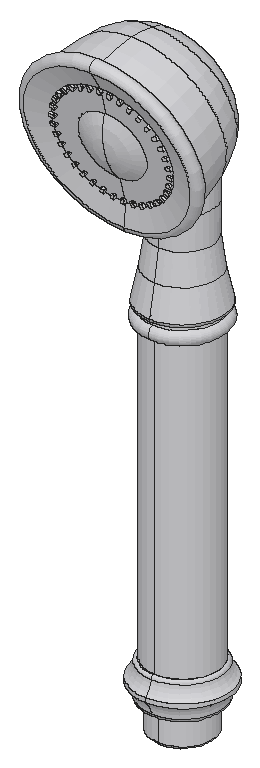
Revit family "Shower-Handshower-KOHLER-FINIAL-K-11641T-1", category Plumbing Fixtures, host Face, Revit 2017 (continued)
Definition of nested family "K-11641T"
  Automatic sketch dimensions
    curve 6 to curve 7 = 0.02993"
    curve 8 to curve 9 = 0.05531"
    curve 5 to curve 4 = 0.14994"
    curve 3 to curve 4 = 0"
    curve 11 to curve 10 = 0.85754"
    curve 11 to curve 11 = 0.50941"
    curve 9 to curve 10 = 1.37005"
    curve 8 to curve 9 = 0.02868"
    curve 7 to curve 8 = 0.06"
    curve 6 to curve 7 = 0.1799"
    curve 1 to curve 5 = 0.85981"
    curve 4 to curve 5 = 0.2202"
    curve 3 to curve 4 = 0.05924"
    curve 2 to curve 3 = 0.22034"
    Revolve 1 sketch curve to plane 1 "Center (Front/Back)" = 0"  (x2)
    Revolve 1 sketch curve to Revolve 1 sketch curve = 0.47991"
    Revolve 1 sketch curve to Revolve 1 sketch curve = 0.00287"
    Revolve 1 sketch curve to Revolve 1 sketch curve = 0.1373"
    Revolve 1 sketch curve to Revolve 1 sketch curve = 0.16048"  (x2)
    level to Revolve 1 sketch curve = 0.4"
    Revolve 1 sketch curve to Revolve 1 sketch curve = 0.0201"
    Revolve 1 sketch curve to Revolve 1 sketch curve = 0.04507"
    Revolve 1 sketch curve to Revolve 1 sketch curve = 0.179"
    Revolve 1 sketch curve to Revolve 1 sketch curve = 0.05924"
    Revolve 1 sketch curve to Revolve 1 sketch curve = 0.17838"
    Revolve 1 sketch curve to Revolve 1 sketch curve = 0.20024"
    Revolve 1 sketch curve to Revolve 1 sketch curve = 0.04196"
    Revolve 1 sketch curve to Revolve 1 sketch curve = 0"  (x2)
    Revolve 2 sketch curve to level = 0"  (x2)
    Revolve 2 sketch curve to plane 1 "Center (Front/Back)" = 0"  (x2)
    Revolve 2 sketch curve to Revolve 2 sketch curve = 0.369"
    Revolve 2 sketch curve to plane 1 "Center (Front/Back)" = 0.40897"
    Revolve 2 sketch curve to Revolve 2 sketch curve = 0.06117"
    Revolve 2 sketch curve to Revolve 2 sketch curve = 0.0119"
    Revolve 2 sketch curve to Revolve 2 sketch curve = 0.01803"
    level to Revolve 2 sketch curve = 0.03997"
    Revolve 2 sketch curve to Revolve 2 sketch curve = 0.85981"
    Revolve 2 sketch curve to Revolve 2 sketch curve = 4.08032"
    Revolve 2 sketch curve to Revolve 2 sketch curve = 0.09046"
    Revolve 2 sketch curve to Revolve 2 sketch curve = 0.06"
    Revolve 2 sketch curve to Revolve 2 sketch curve = 0.40495"
    plane 4 "A" to Revolve 3 sketch curve = 0"  (x3)
    plane 1 "Center (Front/Back)" to Revolve 3 sketch curve = 1.56786"
    Revolve 3 sketch curve to Revolve 3 sketch curve = 0.084"
    Revolve 3 sketch curve to Revolve 3 sketch curve = 0.07914"
    Revolve 3 sketch curve to Revolve 3 sketch curve = 0.08732"
    Revolve 3 sketch curve to Revolve 3 sketch curve = 0.21088"
    Revolve 3 sketch curve to Revolve 3 sketch curve = 0.08711"
    Revolve 3 sketch curve to Revolve 3 sketch curve = 0.05681"
    Revolve 3 sketch curve to Revolve 3 sketch curve = 0"  (x3)
    Extrusion 4 sketch curve to Revolve 3 = 0"  (x2)
    Extrusion 4 sketch curve to Extrusion 4 sketch curve = 0.00518"
    Extrusion 4 sketch curve to Extrusion 4 sketch curve = 0.00535"
    Revolve 3 to Extrusion 4 sketch curve = 0.76372"
    Extrusion 4 sketch curve to Extrusion 4 sketch curve = 0.02273"
    Revolve 3 to Extrusion 4 sketch curve = 0.81431"
    Extrusion 4 sketch curve to Extrusion 4 sketch curve = 0.02274"  (x2)
    Revolve 3 to Extrusion 4 sketch curve = 0.75817"
    Extrusion 4 sketch curve to Extrusion 4 sketch curve = 0.08787"
    Extrusion 4 sketch curve to Revolve 3 = 0.76096"
    Extrusion 4 sketch curve to Extrusion 4 sketch curve = 0.08819"
    Revolve 3 to Extrusion 4 sketch curve = 0.80529"
    Extrusion 4 sketch curve to Revolve 3 = 0.80529"
    Extrusion 4 sketch curve to Extrusion 4 sketch curve = 0.02247"  (x8)
    Revolve 3 to Extrusion 4 sketch curve = 0.75024"
    Extrusion 4 sketch curve to Revolve 3 = 0.75304"
    Extrusion 4 sketch curve to Revolve 3 = 0.79708"
    Revolve 3 to Extrusion 4 sketch curve = 0.79708"
    Revolve 3 to Extrusion 4 sketch curve = 0.72633"
    Extrusion 4 sketch curve to Extrusion 4 sketch curve = 0.08462"
    Extrusion 4 sketch curve to Revolve 3 = 0.72625"
    Extrusion 4 sketch curve to Extrusion 4 sketch curve = 0.08428"
    Revolve 3 to Extrusion 4 sketch curve = 0.77158"
    Extrusion 4 sketch curve to Revolve 3 = 0.77157"
    Extrusion 4 sketch curve to Extrusion 4 sketch curve = 0.02136"  (x3)
    Extrusion 4 sketch curve to Extrusion 4 sketch curve = 0.02139"  (x2)
    Revolve 3 to Extrusion 4 sketch curve = 0.71071"
    Extrusion 4 sketch curve to Extrusion 4 sketch curve = 0.02134"
    Extrusion 4 sketch curve to Revolve 3 = 0.71077"
    Revolve 3 to Extrusion 4 sketch curve = 0.75572"
    Extrusion 4 sketch curve to Revolve 3 = 0.75571"
    Revolve 3 to Extrusion 4 sketch curve = 0.67313"
    Extrusion 4 sketch curve to Extrusion 4 sketch curve = 0.0795"
    Extrusion 4 sketch curve to Revolve 3 = 0.67431"
    Extrusion 4 sketch curve to Extrusion 4 sketch curve = 0.07999"
    Extrusion 4 sketch curve to Extrusion 4 sketch curve = 0.01976"  (x8)
    Extrusion 4 sketch curve to Revolve 3 = 0.71458"
    Revolve 3 to Extrusion 4 sketch curve = 0.71458"
    Revolve 3 to Extrusion 4 sketch curve = 0.65032"
    Extrusion 4 sketch curve to Revolve 3 = 0.6515"
    Revolve 3 to Extrusion 4 sketch curve = 0.69154"
    Extrusion 4 sketch curve to Revolve 3 = 0.69154"
    Revolve 3 to Extrusion 4 sketch curve = 0.59958"
    Extrusion 4 sketch curve to Extrusion 4 sketch curve = 0.07152"
    Extrusion 4 sketch curve to Revolve 3 = 0.60004"
    Extrusion 4 sketch curve to Extrusion 4 sketch curve = 0.07143"
    Extrusion 4 sketch curve to Extrusion 4 sketch curve = 0.01741"  (x2)
    Extrusion 4 sketch curve to Extrusion 4 sketch curve = 0.01746"  (x2)
    Revolve 3 to Extrusion 4 sketch curve = 0.63608"
    Extrusion 4 sketch curve to Revolve 3 = 0.63606"
    Revolve 3 to Extrusion 4 sketch curve = 73/128"
    Extrusion 4 sketch curve to Extrusion 4 sketch curve = 0.01737"  (x2)
    Extrusion 4 sketch curve to Revolve 3 = 0.57086"
    Extrusion 4 sketch curve to Extrusion 4 sketch curve = 0.01742"  (x2)
    Revolve 3 to Extrusion 4 sketch curve = 0.60659"
    Extrusion 4 sketch curve to Revolve 3 = 0.60657"
    Extrusion 4 sketch curve to Revolve 3 = 0.50819"
    Extrusion 4 sketch curve to Extrusion 4 sketch curve = 0.06134"
    Revolve 3 to Extrusion 4 sketch curve = 0.50842"
    Extrusion 4 sketch curve to Extrusion 4 sketch curve = 0.06231"
    Extrusion 4 sketch curve to Extrusion 4 sketch curve = 0.01467"  (x8)
    Extrusion 4 sketch curve to Revolve 3 = 0.47323"
    Revolve 3 to Extrusion 4 sketch curve = 0.47346"
    Revolve 3 to Extrusion 4 sketch curve = 0.53848"
    Extrusion 4 sketch curve to Revolve 3 = 0.53848"
    Revolve 3 to Extrusion 4 sketch curve = 0.5034"
    Extrusion 4 sketch curve to Revolve 3 = 0.5034"
    Extrusion 4 sketch curve to Revolve 3 = 0.40035"
    Extrusion 4 sketch curve to Extrusion 4 sketch curve = 0.04867"
    Revolve 3 to Extrusion 4 sketch curve = 0.40111"
    Extrusion 4 sketch curve to Extrusion 4 sketch curve = 0.04935"
    Extrusion 4 sketch curve to Extrusion 4 sketch curve = 0.01142"
    Extrusion 4 sketch curve to Extrusion 4 sketch curve = 0.01137"  (x3)
    Extrusion 4 sketch curve to Revolve 3 = 0.36101"
    Extrusion 4 sketch curve to Extrusion 4 sketch curve = 0.01136"
    Revolve 3 to Extrusion 4 sketch curve = 0.3617"
    Extrusion 4 sketch curve to Extrusion 4 sketch curve = 0.01131"  (x2)
    Revolve 3 to Extrusion 4 sketch curve = 0.42475"
    Extrusion 4 sketch curve to Revolve 3 = 0.42472"
    Extrusion 4 sketch curve to Revolve 3 = 0.28218"
    Extrusion 4 sketch curve to Extrusion 4 sketch curve = 0.03765"
    Revolve 3 to Extrusion 4 sketch curve = 0.28312"
    Extrusion 4 sketch curve to Extrusion 4 sketch curve = 0.03936"
    Revolve 3 to Extrusion 4 sketch curve = 0.38519"
    Extrusion 4 sketch curve to Revolve 3 = 0.38516"
    Extrusion 4 sketch curve to Extrusion 4 sketch curve = 1/128"  (x8)
    Extrusion 4 sketch curve to Revolve 3 = 0.2393"
    Revolve 3 to Extrusion 4 sketch curve = 0.24023"
    Revolve 3 to Extrusion 4 sketch curve = 0.15509"
    Extrusion 4 sketch curve to Extrusion 4 sketch curve = 0.02143"
    Extrusion 4 sketch curve to Revolve 3 = 0.15509"
    Extrusion 4 sketch curve to Extrusion 4 sketch curve = 0.02493"
    Extrusion 4 sketch curve to Extrusion 4 sketch curve = 0.00395"  (x4)
    Revolve 3 to Extrusion 4 sketch curve = 0.29833"
    Extrusion 4 sketch curve to Revolve 3 = 0.29833"
    Extrusion 4 sketch curve to Extrusion 4 sketch curve = 0.00401"  (x2)
    Revolve 3 to Extrusion 4 sketch curve = 0.11031"
    Extrusion 4 sketch curve to Extrusion 4 sketch curve = 0.00388"  (x2)
    Extrusion 4 sketch curve to Revolve 3 = 0.11032"
    Extrusion 4 sketch curve to Extrusion 4 sketch curve = 0.0087"
    Extrusion 4 sketch curve to Revolve 3 = 0.25541"
    Revolve 3 to Extrusion 4 sketch curve = 0.25541"
    Revolve 3 to Extrusion 4 sketch curve = 0.16301"
    Extrusion 4 sketch curve to Revolve 3 = 0.16297"
    Revolve 3 to Extrusion 4 sketch curve = 0.11809"
    Extrusion 4 sketch curve to Revolve 3 = 0.11806"
    Extrusion 4 sketch curve to Revolve 3 = 0.02282"  (x2)
    Extrusion 4 sketch curve to Revolve 3 = 0.76502"
    Extrusion 4 sketch curve to Revolve 3 = 0.8146"
    Extrusion 4 sketch curve to Extrusion 4 sketch curve = 0.04562"
    Revolve 3 to Extrusion 4 sketch curve = 0.75822"
    Extrusion 4 sketch curve to Extrusion 4 sketch curve = 0.08771"
    Extrusion 4 sketch curve to Revolve 3 = 0.75854"
    Extrusion 4 sketch curve to Extrusion 4 sketch curve = 0.08793"
    Revolve 3 to Extrusion 4 sketch curve = 0.8068"
    Extrusion 4 sketch curve to Revolve 3 = 0.8068"
    Revolve 3 to Extrusion 4 sketch curve = 0.75029"
    Extrusion 4 sketch curve to Revolve 3 = 0.75061"
    Revolve 3 to Extrusion 4 sketch curve = 0.79916"
    Extrusion 4 sketch curve to Revolve 3 = 0.79916"
    Revolve 3 to Extrusion 4 sketch curve = 0.72666"
    Extrusion 4 sketch curve to Extrusion 4 sketch curve = 0.08491"
    Extrusion 4 sketch curve to Revolve 3 = 0.73028"
    Extrusion 4 sketch curve to Extrusion 4 sketch curve = 0.08599"
    Extrusion 4 sketch curve to Revolve 3 = 0.7747"
    Revolve 3 to Extrusion 4 sketch curve = 0.7747"
    Extrusion 4 sketch curve to Extrusion 4 sketch curve = 0.02137"
    Revolve 3 to Extrusion 4 sketch curve = 0.71117"
    Extrusion 4 sketch curve to Revolve 3 = 0.71466"
    Extrusion 4 sketch curve to Extrusion 4 sketch curve = 0.02135"
    Extrusion 4 sketch curve to Revolve 3 = 0.75936"
    Revolve 3 to Extrusion 4 sketch curve = 0.75936"
    Revolve 3 to Extrusion 4 sketch curve = 0.67537"
    Extrusion 4 sketch curve to Extrusion 4 sketch curve = 0.08045"
    Extrusion 4 sketch curve to Revolve 3 = 0.67756"
    Extrusion 4 sketch curve to Extrusion 4 sketch curve = 0.08061"
    Revolve 3 to Extrusion 4 sketch curve = 0.71892"
    Extrusion 4 sketch curve to Revolve 3 = 0.71892"
    Revolve 3 to Extrusion 4 sketch curve = 0.65255"
    Extrusion 4 sketch curve to Revolve 3 = 0.65474"
    Revolve 3 to Extrusion 4 sketch curve = 0.69632"
    Extrusion 4 sketch curve to Revolve 3 = 0.69632"
    Revolve 3 to Extrusion 4 sketch curve = 0.59877"
    Extrusion 4 sketch curve to Extrusion 4 sketch curve = 0.06977"
    Extrusion 4 sketch curve to Revolve 3 = 0.60181"
    Extrusion 4 sketch curve to Extrusion 4 sketch curve = 0.07083"
    Revolve 3 to Extrusion 4 sketch curve = 0.5696"
    Extrusion 4 sketch curve to Revolve 3 = 0.64109"
    Revolve 3 to Extrusion 4 sketch curve = 0.64108"
    Extrusion 4 sketch curve to Revolve 3 = 0.57253"
    Extrusion 4 sketch curve to Revolve 3 = 0.61193"
    Revolve 3 to Extrusion 4 sketch curve = 0.61193"
    Revolve 3 to Extrusion 4 sketch curve = 0.51044"
    Extrusion 4 sketch curve to Extrusion 4 sketch curve = 0.06508"
    Extrusion 4 sketch curve to Revolve 3 = 0.51093"
    Extrusion 4 sketch curve to Extrusion 4 sketch curve = 0.06341"
    Revolve 3 to Extrusion 4 sketch curve = 0.47548"
    Extrusion 4 sketch curve to Revolve 3 = 0.47597"
    Extrusion 4 sketch curve to Revolve 3 = 0.54354"
    Revolve 3 to Extrusion 4 sketch curve = 0.54354"
    Revolve 3 to Extrusion 4 sketch curve = 0.5087"
    Extrusion 4 sketch curve to Revolve 3 = 0.5087"
    Revolve 3 to Extrusion 4 sketch curve = 0.40358"
    Extrusion 4 sketch curve to Extrusion 4 sketch curve = 0.05155"
    Extrusion 4 sketch curve to Revolve 3 = 0.40386"
    Extrusion 4 sketch curve to Extrusion 4 sketch curve = 0.05114"
    Extrusion 4 sketch curve to Extrusion 4 sketch curve = 0.01143"
    Revolve 3 to Extrusion 4 sketch curve = 0.36423"
    Extrusion 4 sketch curve to Revolve 3 = 0.36444"
    Extrusion 4 sketch curve to Revolve 3 = 0.42924"
    Revolve 3 to Extrusion 4 sketch curve = 0.42923"
    Revolve 3 to Extrusion 4 sketch curve = 0.28438"
    Extrusion 4 sketch curve to Extrusion 4 sketch curve = 0.0381"
    Extrusion 4 sketch curve to Revolve 3 = 0.28518"
    Extrusion 4 sketch curve to Extrusion 4 sketch curve = 0.04026"
    Extrusion 4 sketch curve to Revolve 3 = 0.38979"
    Revolve 3 to Extrusion 4 sketch curve = 0.38979"
    Revolve 3 to Extrusion 4 sketch curve = 0.24149"
    Extrusion 4 sketch curve to Revolve 3 = 0.2423"
    Revolve 3 to Extrusion 4 sketch curve = 0.15559"
    Extrusion 4 sketch curve to Extrusion 4 sketch curve = 0.0217"
    Extrusion 4 sketch curve to Revolve 3 = 0.15584"
    Extrusion 4 sketch curve to Extrusion 4 sketch curve = 0.01999"
    Revolve 3 to Extrusion 4 sketch curve = 0.11082"
    Extrusion 4 sketch curve to Revolve 3 = 0.11104"
    Extrusion 4 sketch curve to Revolve 3 = 0.30168"
    Revolve 3 to Extrusion 4 sketch curve = 0.30168"
    Extrusion 4 sketch curve to Extrusion 4 sketch curve = 0.04996"
    Extrusion 4 sketch curve to Revolve 3 = 0.25883"
    Revolve 3 to Extrusion 4 sketch curve = 0.25883"
    Extrusion 4 sketch curve to Revolve 3 = 0.1648"
    Revolve 3 to Extrusion 4 sketch curve = 0.16479"
    Extrusion 4 sketch curve to Revolve 3 = 0.11987"
    Revolve 3 to Extrusion 4 sketch curve = 0.11986"
    Extrusion 4 sketch curve to Extrusion 4 sketch curve = 0"
    plane 1 "Center (Front/Back)" to Revolve 5 sketch curve = 1.31785"
    Revolve 5 sketch curve to Revolve 5 sketch curve = 0.00611"
    Revolve 5 sketch curve to Revolve 5 sketch curve = 0.12539"
    plane 1 "Center (Front/Back)" to Revolve 5 sketch curve = 0.47679"
    level to Revolve 5 sketch curve = 7.61816"
    Revolve 5 sketch curve to Revolve 5 sketch curve = 0.0336"
    Revolve 5 sketch curve to Revolve 5 sketch curve = 0"  (x4)
    Masking region 2 sketch curve to Masking region 2 sketch curve = 0"  (x7)
    Masking region 2 sketch curve to level = 0"
    Masking region 2 sketch curve to plane 3 "Center (Left/Right)" = 4.13782"
    Masking region 2 sketch curve to plane 3 "Center (Left/Right)" = 1.51609"
    Masking region 2 sketch curve to plane 3 "Center (Left/Right)" = 0.78056"
    Masking region 2 sketch curve to Masking region 2 sketch curve = 0.16048"  (x3)
    Masking region 2 sketch curve to plane 3 "Center (Left/Right)" = 0.56655"
    Masking region 2 sketch curve to Masking region 2 sketch curve = 0.02983"
    Masking region 2 sketch curve to Masking region 2 sketch curve = 0.03665"
    Masking region 2 sketch curve to Masking region 2 sketch curve = 0.01625"  (x2)
    Masking region 2 sketch curve to Masking region 2 sketch curve = 0.13873"  (x2)
    Masking region 2 sketch curve to Masking region 2 sketch curve = 0.14017"
    Masking region 2 sketch curve to Masking region 2 sketch curve = 0.09163"
    Masking region 2 sketch curve to Masking region 2 sketch curve = 0.01368"  (x2)
    Masking region 2 sketch curve to Masking region 2 sketch curve = 0.07094"  (x2)
    Masking region 2 sketch curve to Masking region 2 sketch curve = 0.03997"  (x2)
    Masking region 2 sketch curve to plane 3 "Center (Left/Right)" = 0.06179"
    Masking region 2 sketch curve to plane 3 "Center (Left/Right)" = 0.00262"
    plane 3 "Center (Left/Right)" to Masking region 2 sketch curve = 0.0425"
    Masking region 2 sketch curve to Masking region 2 sketch curve = 0.03805"
    plane 3 "Center (Left/Right)" to Masking region 2 sketch curve = 0.369"
    plane 3 "Center (Left/Right)" to Masking region 2 sketch curve = 0.47014"
    plane 3 "Center (Left/Right)" to Masking region 2 sketch curve = 0.47526"
    Masking region 2 sketch curve to Masking region 2 sketch curve = 0.01121"
    Masking region 2 sketch curve to Masking region 2 sketch curve = 0.03761"
    Masking region 2 sketch curve to Masking region 2 sketch curve = 0.02815"
    Masking region 2 sketch curve to Masking region 2 sketch curve = 1.02575"
    Masking region 2 sketch curve to Masking region 2 sketch curve = 1.02654"
    level to Masking region 2 sketch curve = 0.03997"  (x2)
    Masking region 2 sketch curve to Masking region 2 sketch curve = 0.36003"  (x2)
    Masking region 2 sketch curve to Masking region 2 sketch curve = 0.0201"  (x2)
    Masking region 2 sketch curve to Masking region 2 sketch curve = 0.04507"  (x2)
    Masking region 2 sketch curve to Masking region 2 sketch curve = 0.179"  (x2)
    Masking region 2 sketch curve to Masking region 2 sketch curve = 0.05924"  (x2)
    Masking region 2 sketch curve to Masking region 2 sketch curve = 0.17827"  (x2)
    Masking region 2 sketch curve to Masking region 2 sketch curve = 0.20024"  (x2)
    Masking region 2 sketch curve to Masking region 2 sketch curve = 0.04193"  (x2)
    Masking region 2 sketch curve to Masking region 2 sketch curve = 4.08056"
    Masking region 2 sketch curve to Masking region 2 sketch curve = 0.09004"  (x2)
    Masking region 2 sketch curve to Masking region 2 sketch curve = 0.06"  (x2)
    Masking region 2 sketch curve to Masking region 2 sketch curve = 0.02898"
    Masking region 2 sketch curve to Masking region 2 sketch curve = 0.03075"
    Masking region 2 sketch curve to Masking region 2 sketch curve = 0.36569"
    Masking region 2 sketch curve to Masking region 2 sketch curve = 0.37234"
    Masking region 2 sketch curve to Masking region 2 sketch curve = 0.47295"
    Masking region 2 sketch curve to Masking region 2 sketch curve = 0.47108"
    Masking region 2 sketch curve to Masking region 2 sketch curve = 0.08315"
    Masking region 2 sketch curve to Masking region 2 sketch curve = 0.39037"
    Masking region 2 sketch curve to Masking region 2 sketch curve = 1.58025"
    Masking region 2 sketch curve to Masking region 2 sketch curve = 0.04647"
    Masking region 2 sketch curve to Masking region 2 sketch curve = 0.00015"
    Masking region 2 sketch curve to Masking region 2 sketch curve = 0.06093"
    Masking region 2 sketch curve to plane 3 "Center (Left/Right)" = 1.10758"
    Masking region 2 sketch curve to plane 3 "Center (Left/Right)" = 0.86577"
    Masking region 2 sketch curve to plane 3 "Center (Left/Right)" = 0.52009"
    plane 3 "Center (Left/Right)" to Masking region 2 sketch curve = 0.52136"
    Masking region 3 sketch curve to Masking region 3 sketch curve = 0"  (x16)
    Masking region 3 sketch curve to plane 3 "Center (Left/Right)" = 0"  (x2)
    plane 1 "Center (Front/Back)" to Masking region 3 sketch curve = 0"
    Masking region 3 sketch curve to plane 3 "Center (Left/Right)" = 0.03297"
    Masking region 3 sketch curve to plane 3 "Center (Left/Right)" = 0.27725"
    Masking region 3 sketch curve to plane 1 "Center (Front/Back)" = 0.14219"  (x2)
    Masking region 3 sketch curve to plane 3 "Center (Left/Right)" = 0.37394"
    Masking region 3 sketch curve to Masking region 3 sketch curve = 0.57608"  (x2)
    Masking region 3 sketch curve to Masking region 3 sketch curve = 0.12786"  (x2)
    Masking region 3 sketch curve to Masking region 3 sketch curve = 0.05615"  (x2)
    Masking region 3 sketch curve to Masking region 3 sketch curve = 0.36122"  (x2)
    plane 3 "Center (Left/Right)" to Masking region 3 sketch curve = 0.03297"
    plane 3 "Center (Left/Right)" to Masking region 3 sketch curve = 0.27725"
    plane 3 "Center (Left/Right)" to Masking region 3 sketch curve = 0.37394"
    plane 1 "Center (Front/Back)" to Masking region 3 sketch curve = 1.02323"  (x2)
    Masking region 3 sketch curve to Masking region 3 sketch curve = 0.11232"
    Masking region 3 sketch curve to Masking region 3 sketch curve = 0.16929"  (x2)
    Masking region 3 sketch curve to Masking region 3 sketch curve = 0.03064"  (x2)
    Masking region 3 sketch curve to Masking region 3 sketch curve = 0.43998"  (x2)
    Masking region 3 sketch curve to Masking region 3 sketch curve = 1.92349"
    Masking region 3 sketch curve to plane 1 "Center (Front/Back)" = 0.01366"  (x2)
    Masking region 3 sketch curve to Masking region 3 sketch curve = 0.24599"
    Masking region 3 sketch curve to Masking region 3 sketch curve = 0.31281"
    Masking region 3 sketch curve to Masking region 3 sketch curve = 0.05793"  (x2)
    Masking region 3 sketch curve to Masking region 3 sketch curve = 0.02507"  (x2)
    curve 135 to curve 136 = 0"
    curve 135 to curve 137 = 0"  (x2)
    curve 136 to curve 137 = 0"
    plane 1 "Center (Front/Back)" to curve 137 = 0"
    curve 137 to plane 3 "Center (Left/Right)" = 0"
    curve 148 to plane 3 "Center (Left/Right)" = 0"
    curve 140 to plane 3 "Center (Left/Right)" = 0"
    curve 152 to plane 3 "Center (Left/Right)" = 0"
    curve 148 to plane 3 "Center (Left/Right)" = 0.01296"
    curve 162 to plane 3 "Center (Left/Right)" = 0.12936"
    curve 153 to plane 3 "Center (Left/Right)" = 0.17622"
    curve 139 to plane 3 "Center (Left/Right)" = 0.2482"
    curve 151 to plane 1 "Center (Front/Back)" = 0.11625"
    curve 151 to plane 3 "Center (Left/Right)" = 0.39446"
    plane 1 "Center (Front/Back)" to curve 147 = 0.15583"
    curve 147 to curve 151 = 0.10585"
    curve 146 to curve 139 = 0.53933"
    curve 150 to curve 146 = 0.05152"
    curve 145 to curve 150 = 0.12765"
    curve 149 to curve 145 = 0.03771"
    curve 143 to curve 149 = 0.03287"
    curve 144 to curve 143 = 0.0074"
    curve 142 to curve 144 = 0.69129"
    plane 3 "Center (Left/Right)" to curve 158 = 0.01296"
    plane 3 "Center (Left/Right)" to curve 152 = 0.12936"
    plane 3 "Center (Left/Right)" to curve 163 = 0.17622"
    plane 3 "Center (Left/Right)" to curve 138 = 0.2482"
    curve 161 to plane 1 "Center (Front/Back)" = 0.11625"
    plane 3 "Center (Left/Right)" to curve 161 = 0.39446"
    plane 1 "Center (Front/Back)" to curve 157 = 0.15583"
    curve 161 to curve 157 = 0.10585"
    curve 156 to curve 160 = 0.05152"
    curve 160 to curve 155 = 0.12765"
    curve 155 to curve 159 = 0.03771"
    curve 159 to curve 154 = 0.03287"
    curve 154 to curve 164 = 0.01455"
    curve 164 to curve 141 = 0.68414"
    curve 138 to curve 157 = 0.4262"
    curve 139 to curve 147 = 0.4262"
    curve 146 to curve 139 = 61/256"
    curve 156 to curve 138 = 61/256"
    curve 150 to curve 146 = 0.11623"
    curve 160 to curve 156 = 0.11623"
    curve 145 to curve 150 = 0.12313"
    curve 155 to curve 160 = 0.12313"
    curve 159 to curve 155 = 0.03165"
    curve 149 to curve 145 = 0.03165"
    curve 164 to curve 159 = 0.00388"
    curve 144 to curve 149 = 0.00842"
    curve 154 to curve 164 = 0.00923"
    curve 143 to curve 144 = 0.0047"
    curve 153 to curve 139 = 0.52532"
    curve 153 to curve 163 = 0"
    curve 141 to curve 164 = 0.97722"
    curve 142 to curve 144 = 0.97269"
    curve 135 to curve 140 = 0.02313"
    curve 148 to curve 158 = 0"
    curve 162 to curve 152 = 0"
    curve 138 to plane 3 "Center (Left/Right)" = 0.14677"
    curve 140 to curve 138 = 0"
    curve 137 to curve 151 = 0.00297"
    curve 141 to curve 138 = 0"
    curve 136 to curve 141 = 0.06131"
    curve 135 to curve 136 = 0.0196"
    curve 145 to curve 151 = 0.35444"
    curve 152 to curve 151 = 0"
    curve 141 to plane 1 "Center (Front/Back)" = 0.01366"
    curve 148 to curve 151 = 0.11957"
    curve 147 to curve 148 = 0"
    curve 150 to curve 151 = 0"
    curve 146 to curve 147 = 0"
    curve 145 to curve 146 = 0"
    curve 149 to curve 150 = 0"
    curve 149 to curve 153 = 0.00484"
    curve 144 to curve 153 = 0.00272"
    curve 153 to curve 149 = 0"
    curve 143 to curve 145 = 0"
    curve 139 to curve 140 = 0"
    curve 142 to curve 139 = 0"
    curve 161 to curve 162 = 0"
    curve 142 to plane 1 "Center (Front/Back)" = 0.01366"
    curve 157 to curve 158 = 0"
    curve 160 to curve 161 = 0"
    curve 156 to curve 157 = 0"
    curve 155 to curve 156 = 0"
    curve 159 to curve 160 = 0"
    curve 163 to curve 159 = 0.00484"
    curve 163 to curve 164 = 0.00275"
    curve 163 to curve 159 = 0"
    curve 164 to curve 154 = 0.01282"
    curve 154 to curve 155 = 0"
    curve 164 to curve 154 = 0"
    curve 154 to curve 164 = 0.01501"
    Revolve 6 sketch curve to Revolve 6 sketch curve = 0"  (x7)
    plane 4 "A" to Revolve 6 sketch curve = 0"  (x3)
    plane 1 "Center (Front/Back)" to Revolve 6 sketch curve = 2.34938"
    plane 1 "Center (Front/Back)" to Revolve 6 sketch curve = 1.3887"
    Revolve 6 sketch curve to Revolve 6 sketch curve = 0.28447"
    Revolve 6 sketch curve to Revolve 6 sketch curve = 0.32964"
    plane 1 "Center (Front/Back)" to Revolve 6 sketch curve = 0.69845"
    Revolve 6 sketch curve to Revolve 6 sketch curve = 0.13073"
    Revolve 6 sketch curve to plane 1 "Center (Front/Back)" = 0.17529"
    Revolve 6 sketch curve to Revolve 6 sketch curve = 0.1723"
    Revolve 6 sketch curve to Revolve 6 sketch curve = 0.59074"
    Revolve 6 sketch curve to Revolve 6 sketch curve = 1.25023"
    Revolve 6 sketch curve to Revolve 6 sketch curve = 0.61375"
    plane 1 "Center (Front/Back)" to Revolve 6 sketch curve = 0.13718"
    Revolve 7 sketch curve to Revolve 7 sketch curve = 0"  (x5)
    Revolve 7 sketch curve to plane 1 "Center (Front/Back)" = 0"  (x2)
    plane 1 "Center (Front/Back)" to Revolve 7 sketch curve = 1.45341"
    Revolve 7 sketch curve to Revolve 7 sketch curve = 0.47943"
    Revolve 7 sketch curve to Revolve 7 sketch curve = 5.54629"
    Revolve 7 sketch curve to plane 1 "Center (Front/Back)" = 0.46375"
    Revolve 7 sketch curve to Revolve 7 sketch curve = 0.06441"
    Revolve 7 sketch curve to Revolve 7 sketch curve = 0.02863"
    Revolve 7 sketch curve to Revolve 7 sketch curve = 2.57124"
    level to Revolve 7 sketch curve = 5.22"
    Revolve 7 sketch curve to Revolve 7 sketch curve = 0.02938"
    Revolve 7 sketch curve to Revolve 7 sketch curve = 0.403"
    level to Revolve 7 sketch curve = 6.09802"
    Revolve 7 sketch curve to Revolve 7 sketch curve = 0.59362"
    Revolve 7 sketch curve to Revolve 7 sketch curve = 1.44176"
    Revolve 7 sketch curve to Revolve 7 sketch curve = 0.38834"
    Revolve 7 sketch curve to Revolve 7 sketch curve = 1.79117"
    Revolve 7 sketch curve to plane 1 "Center (Front/Back)" = 0.40331"
    Revolve 7 sketch curve to Revolve 7 sketch curve = 0.24951"
    plane 1 "Center (Front/Back)" to Extrusion 8 sketch curve = 0"
    Extrusion 8 sketch curve to plane 3 "Center (Left/Right)" = 0"
    plane 4 "A" to Revolve 9 sketch curve = 0"  (x3)
    plane 1 "Center (Front/Back)" to Revolve 9 sketch curve = 1.57074"
    Revolve 9 sketch curve to Revolve 9 sketch curve = 0.08703"  (x2)
    plane 1 "Center (Front/Back)" to Revolve 9 sketch curve = 1.10672"
    Revolve 9 sketch curve to Revolve 9 sketch curve = 0.04664"
    Revolve 9 sketch curve to Revolve 9 sketch curve = 0"  (x3)
    Masking region 1 sketch curve to Masking region 1 sketch curve = 0"  (x14)
    plane 4 "A" to Masking region 1 sketch curve = 0"  (x3)
    Masking region 1 sketch curve to plane 6 = 0"
    Masking region 1 sketch curve to plane 8 = 0"  (x2)
    Masking region 1 sketch curve to level = 0"
    Masking region 1 sketch curve to plane 5 = 0"
    plane 6 to Masking region 1 sketch curve = 0.07691"
    plane 6 to Masking region 1 sketch curve = 0.11013"
    plane 6 to Masking region 1 sketch curve = 0.15581"
    plane 6 to Masking region 1 sketch curve = 0.16048"  (x2)
    plane 8 to Masking region 1 sketch curve = 0.0201"  (x2)
    Masking region 1 sketch curve to Masking region 1 sketch curve = 0.08399"
    Masking region 1 sketch curve to Masking region 1 sketch curve = 0.00811"
    Masking region 1 sketch curve to Masking region 1 sketch curve = 0.08703"  (x2)
    plane 6 to Masking region 1 sketch curve = 0.47822"
    Masking region 1 sketch curve to Masking region 1 sketch curve = 0.43331"
    Masking region 1 sketch curve to Masking region 1 sketch curve = 0.04223"
    Masking region 1 sketch curve to Masking region 1 sketch curve = 0.09427"
    Masking region 1 sketch curve to plane 7 = 0.09662"
    Masking region 1 sketch curve to plane 7 = 0.06489"
    Masking region 1 sketch curve to Masking region 1 sketch curve = 0.00912"
    Masking region 1 sketch curve to Masking region 1 sketch curve = 0.08632"
    Masking region 1 sketch curve to plane 7 = 0.11292"
    Masking region 1 sketch curve to Masking region 1 sketch curve = 0.08675"
    Masking region 1 sketch curve to Masking region 1 sketch curve = 0.7582"
    Masking region 1 sketch curve to Masking region 1 sketch curve = 1.95514"
    Masking region 1 sketch curve to plane 6 = 0.04368"
    Masking region 1 sketch curve to plane 6 = 0.0582"
    Masking region 1 sketch curve to Masking region 1 sketch curve = 0.02833"
    Masking region 1 sketch curve to plane 6 = 0.10342"
    Masking region 1 sketch curve to Masking region 1 sketch curve = 0.048"
    Masking region 1 sketch curve to Masking region 1 sketch curve = 0.01625"
    Masking region 1 sketch curve to plane 6 = 0.13873"
    Masking region 1 sketch curve to plane 6 = 0.14017"
    Masking region 1 sketch curve to plane 6 = 0.14481"
    Masking region 1 sketch curve to Masking region 1 sketch curve = 0.01368"  (x2)
    Masking region 1 sketch curve to plane 6 = 0.17734"
    level to Masking region 1 sketch curve = 0.03997"  (x2)
    Masking region 1 sketch curve to plane 6 = 0.21111"
    Masking region 1 sketch curve to Masking region 1 sketch curve = 0.03997"  (x2)
    Masking region 1 sketch curve to plane 5 = 0.25108"
    Masking region 1 sketch curve to plane 5 = 0.15912"
    Masking region 1 sketch curve to plane 5 = 0.14994"
    Masking region 1 sketch curve to Masking region 1 sketch curve = 0.07094"
    Masking region 1 sketch curve to Masking region 1 sketch curve = 0.01121"
    Masking region 1 sketch curve to plane 5 = 0.12001"
    Masking region 1 sketch curve to Masking region 1 sketch curve = 0.0325"
    Masking region 1 sketch curve to Masking region 1 sketch curve = 0.02281"
    plane 5 to Masking region 1 sketch curve = 0.16048"  (x2)
    plane 5 to Masking region 1 sketch curve = 2.04648"
    Masking region 1 sketch curve to Masking region 1 sketch curve = 2.78806"
    Masking region 1 sketch curve to Masking region 1 sketch curve = 0.04507"
    plane 8 to Masking region 1 sketch curve = 0.04507"
    Masking region 1 sketch curve to Masking region 1 sketch curve = 0.179"  (x2)
    Masking region 1 sketch curve to Masking region 1 sketch curve = 0.05924"  (x2)
    Masking region 1 sketch curve to Masking region 1 sketch curve = 0.17827"  (x2)
    Masking region 1 sketch curve to Masking region 1 sketch curve = 0.20024"  (x2)
    Masking region 1 sketch curve to Masking region 1 sketch curve = 0.04193"  (x2)
    Masking region 1 sketch curve to Masking region 1 sketch curve = 1.60811"
    Masking region 1 sketch curve to Masking region 1 sketch curve = 0.09004"  (x2)
    Masking region 1 sketch curve to Masking region 1 sketch curve = 0.06"  (x2)
    Masking region 1 sketch curve to Masking region 1 sketch curve = 0.02341"
    Masking region 1 sketch curve to Masking region 1 sketch curve = 0.02956"
    Masking region 1 sketch curve to Masking region 1 sketch curve = 0.33905"
    Masking region 1 sketch curve to Masking region 1 sketch curve = 0.40902"
    Masking region 1 sketch curve to Masking region 1 sketch curve = 0.59449"
    Masking region 1 sketch curve to Masking region 1 sketch curve = 0.01508"
    Masking region 1 sketch curve to Masking region 1 sketch curve = 0.5092"
    Masking region 1 sketch curve to Masking region 1 sketch curve = 0.06059"
    Masking region 1 sketch curve to Masking region 1 sketch curve = 0.14841"
    Masking region 1 sketch curve to Masking region 1 sketch curve = 0.04664"
    Masking region 1 sketch curve to Masking region 1 sketch curve = 0.59486"
    Masking region 1 sketch curve to Masking region 1 sketch curve = 0.67254"
    Masking region 1 sketch curve to Masking region 1 sketch curve = 0.07515"
    Masking region 1 sketch curve to Masking region 1 sketch curve = 0.19484"
    Masking region 1 sketch curve to Masking region 1 sketch curve = 0.55351"
    Masking region 1 sketch curve to Masking region 1 sketch curve = 0.09797"
    Masking region 1 sketch curve to Masking region 1 sketch curve = 0.1447"
    Masking region 1 sketch curve to Masking region 1 sketch curve = 0.22641"
    Masking region 1 sketch curve to plane 1 "Center (Front/Back)" = 0.18552"
    Masking region 1 sketch curve to plane 5 = 0.23239"
    plane 9 to curve 15 = 0"
    plane 9 to curve 14 = 0"
    curve 13 to plane 8 = 0"
    curve 23 to plane 3 "Center (Left/Right)" = 0"
    curve 26 to plane 3 "Center (Left/Right)" = 0"
    curve 21 to plane 3 "Center (Left/Right)" = 0"
    curve 88 to plane 3 "Center (Left/Right)" = 0"
    curve 36 to plane 3 "Center (Left/Right)" = 0"
    curve 15 to plane 10 = 0"
    curve 14 to plane 10 = 0"
    plane 9 to curve 131 = 0.03142"
    plane 9 to curve 121 = 0.03466"
    curve 105 to curve 131 = 0.02282"
    curve 120 to curve 122 = 0.02282"
    curve 106 to curve 105 = 0.03645"
    curve 129 to curve 122 = 0.0371"
    curve 107 to curve 106 = 0.01549"
    curve 118 to curve 119 = 1/64"
    curve 117 to curve 119 = 0.02034"
    curve 109 to curve 107 = 0.02678"
    plane 14 to curve 115 = 0.0748"
    curve 115 to curve 116 = 0.00792"
    curve 111 to curve 109 = 0.00792"
    curve 112 to plane 14 = 0.01013"
    curve 112 to curve 116 = 0.00648"
    curve 113 to curve 114 = 0.00007"
    curve 125 to plane 9 = 0.01826"
    curve 102 to plane 9 = 0.02004"
    curve 125 to curve 123 = 0.02928"
    curve 103 to curve 101 = 0.02917"
    curve 123 to curve 126 = 0.06161"
    curve 103 to curve 99 = 0.06267"
    curve 126 to curve 128 = 0.03496"
    curve 98 to curve 100 = 0.03496"
    curve 128 to curve 27 = 0.0721"
    curve 98 to curve 96 = 0.07288"
    curve 27 to curve 29 = 0.03942"
    curve 97 to curve 95 = 0.03934"
    curve 29 to curve 30 = 0.07926"
    curve 97 to curve 93 = 0.07883"
    curve 30 to curve 32 = 0.04288"
    curve 94 to curve 92 = 0.04288"
    curve 32 to curve 33 = 0.08646"
    curve 94 to curve 90 = 0.08421"
    curve 33 to curve 34 = 0.0448"
    curve 91 to curve 89 = 0.04477"
    curve 87 to curve 88 = 0.02282"
    curve 37 to curve 36 = 0.02282"
    plane 3 "Center (Left/Right)" to curve 165 = 0.00337"
    curve 88 to curve 84 = 0.08749"
    curve 38 to curve 39 = 0.088"
    curve 85 to curve 83 = 0.04479"
    curve 41 to curve 40 = 0.04478"
    curve 85 to curve 82 = 0.08514"
    curve 41 to curve 130 = 0.0859"
    curve 82 to curve 80 = 0.04288"
    curve 42 to curve 43 = 0.04288"
    curve 80 to curve 78 = 0.07858"
    curve 42 to curve 44 = 0.07985"
    curve 78 to curve 77 = 0.03941"
    curve 46 to curve 45 = 0.03935"
    curve 77 to curve 75 = 0.07236"
    curve 46 to curve 47 = 0.0719"
    curve 75 to curve 74 = 0.03496"
    curve 49 to curve 48 = 0.03496"
    curve 50 to plane 10 = 0.05047"
    curve 72 to plane 10 = 0.04977"
    curve 51 to plane 10 = 0.0213"
    curve 71 to plane 10 = 0.02049"
    plane 10 to curve 69 = 0.03024"
    plane 10 to curve 53 = 0.03248"
    curve 69 to curve 68 = 0.02282"
    curve 55 to curve 54 = 0.02282"
    curve 68 to curve 133 = 0.03758"
    curve 55 to curve 56 = 0.0358"
    curve 133 to curve 132 = 1/64"
    curve 58 to curve 57 = 0.01549"
    curve 132 to curve 66 = 0.02392"
    curve 58 to curve 59 = 0.02364"
    curve 66 to curve 65 = 0.00792"
    plane 14 to curve 60 = 0.07474"
    curve 61 to curve 60 = 0.00792"
    curve 63 to plane 14 = 0.05389"
    curve 65 to curve 63 = 0.00555"
    curve 62 to plane 14 = 0.00997"
    curve 63 to curve 62 = 0.00007"
    plane 15 to curve 87 = 0.42933"
    curve 88 to curve 89 = 0.0084"
    curve 88 to curve 84 = 0.00943"
    curve 89 to curve 90 = 0.00769"
    curve 85 to curve 83 = 0.00756"
    curve 85 to curve 82 = 0.0207"
    curve 90 to curve 92 = 0.02408"
    curve 82 to curve 80 = 0.01508"
    curve 92 to curve 93 = 0.01508"
    curve 80 to curve 78 = 0.03802"
    curve 93 to curve 95 = 0.03636"
    curve 78 to curve 77 = 0.0219"
    curve 95 to curve 96 = 0.02201"
    curve 77 to curve 75 = 0.04767"
    curve 96 to curve 100 = 0.04701"
    curve 75 to curve 74 = 0.02833"
    curve 100 to curve 99 = 0.02833"
    curve 99 to curve 101 = 0.05925"
    curve 74 to curve 72 = 0.06018"
    curve 101 to curve 102 = 0.03369"
    curve 72 to curve 71 = 0.0336"
    curve 102 to curve 131 = 0.069"
    curve 71 to curve 69 = 0.06908"
    curve 131 to curve 105 = 0.03818"
    curve 69 to curve 68 = 0.03818"
    curve 105 to curve 106 = 0.07726"
    curve 68 to curve 133 = 0.07679"
    curve 106 to curve 107 = 0.04129"
    curve 133 to curve 132 = 0.04125"
    curve 107 to curve 109 = 0.08141"
    curve 132 to curve 66 = 0.08174"
    curve 109 to curve 111 = 0.04341"
    curve 66 to curve 65 = 0.04341"
    curve 113 to curve 114 = 0.04392"
    plane 14 to curve 165 = 0.02137"
    curve 60 to curve 59 = 0.04341"
    curve 115 to curve 117 = 0.04341"
    curve 59 to curve 57 = 21/256"
    curve 117 to curve 118 = 0.08306"
    curve 57 to curve 56 = 0.04129"
    curve 118 to curve 129 = 0.04126"
    curve 56 to curve 54 = 0.07771"
    curve 129 to curve 120 = 0.07786"
    curve 54 to curve 53 = 0.03818"
    curve 120 to curve 121 = 0.03818"
    curve 53 to curve 51 = 0.06739"
    curve 121 to curve 125 = 0.06842"
    curve 51 to curve 50 = 0.03368"
    curve 125 to curve 123 = 0.03361"
    curve 50 to curve 48 = 0.06286"
    curve 123 to curve 126 = 0.06125"
    curve 48 to curve 47 = 0.02833"
    curve 126 to curve 128 = 0.02833"
    curve 47 to curve 45 = 0.04979"
    curve 128 to curve 27 = 0.0494"
    curve 45 to curve 44 = 0.02202"
    curve 27 to curve 29 = 0.02191"
    curve 44 to curve 43 = 0.0368"
    curve 29 to curve 30 = 0.03889"
    curve 43 to curve 130 = 0.01508"
    curve 30 to curve 32 = 0.01508"
    curve 130 to curve 40 = 0.02096"
    curve 32 to curve 33 = 0.01931"
    curve 40 to curve 39 = 0.00769"
    curve 33 to curve 34 = 0.00756"
    curve 39 to curve 38 = 0.00956"
    plane 9 to curve 102 = 0.01213"
    plane 9 to curve 104 = 0.02001"
    curve 122 to curve 122 = 0.01141"
    plane 9 to curve 125 = 0.02477"
    curve 104 to curve 131 = 0.01141"
    curve 120 to curve 122 = 0.01141"
    curve 131 to curve 131 = 0.03636"
    curve 106 to curve 108 = 0.01496"
    curve 119 to curve 119 = 0.0149"
    curve 121 to curve 122 = 0.04515"
    curve 105 to curve 104 = 0.03692"
    curve 108 to curve 108 = 0.00771"
    curve 120 to curve 121 = 0.02226"
    curve 118 to curve 119 = 0.00778"
    curve 116 to curve 116 = 0.01886"
    curve 109 to curve 110 = 0.01886"
    curve 114 to curve 114 = 0.02274"
    curve 106 to curve 108 = 0.04211"
    curve 115 to curve 116 = 0.00396"
    curve 110 to curve 109 = 0.00396"
    curve 129 to curve 129 = 0.04739"
    curve 107 to curve 106 = 0.01625"
    curve 118 to curve 129 = 0.01495"
    curve 109 to curve 109 = 0.04237"
    plane 14 to curve 117 = 0.12673"
    curve 117 to curve 116 = 0.05004"
    curve 111 to plane 14 = 0.14658"
    curve 111 to curve 111 = 0.04309"
    plane 14 to curve 115 = 0.0832"
    curve 112 to plane 14 = 0.00999"
    curve 123 to plane 9 = 0.00413"
    curve 101 to plane 9 = 0.01762"
    curve 125 to curve 124 = 0.01462"
    curve 103 to curve 103 = 0.01456"
    curve 20 to plane 9 = 0.05353"
    curve 124 to curve 124 = 0.00807"
    curve 101 to curve 103 = 0.00812"
    curve 126 to curve 126 = 0.03643"
    curve 99 to curve 98 = 0.02642"
    curve 165 to plane 9 = 0.09999"
    curve 126 to curve 128 = 0.03465"
    curve 20 to curve 19 = 0.06648"
    curve 19 to curve 18 = 0"  (x2)
    curve 100 to curve 98 = 0.02612"
    curve 126 to curve 127 = 0.01748"
    curve 98 to curve 100 = 0.01748"
    curve 127 to curve 127 = 0.00534"
    curve 17 to plane 9 = 0.14994"
    curve 16 to plane 9 = 0.14994"
    curve 100 to curve 98 = 0.00534"
    curve 24 to plane 14 = 0.0243"
    curve 24 to plane 9 = 0.15924"
    curve 23 to curve 24 = 0"
    curve 27 to curve 27 = 0.02877"
    curve 96 to curve 97 = 0.02095"
    level to curve 12 = 0.03997"
    curve 12 to plane 9 = 0.21111"
    curve 13 to plane 9 = 0.21111"
    curve 27 to curve 29 = 0.03935"
    curve 27 to curve 28 = 0.01969"
    curve 95 to curve 97 = 0.02062"
    curve 97 to curve 97 = 0.01965"
    curve 28 to curve 28 = 0.00301"
    curve 95 to curve 97 = 0.00305"
    curve 30 to curve 30 = 0.01904"
    curve 93 to curve 94 = 0.01361"
    curve 30 to curve 31 = 0.02144"
    curve 30 to curve 32 = 0.0428"
    curve 94 to curve 92 = 0.02144"
    curve 92 to curve 94 = 0.01352"
    curve 31 to curve 31 = 0.00138"
    curve 92 to curve 94 = 0.00138"
    curve 33 to curve 33 = 0.01032"
    curve 90 to curve 91 = 0.0065"
    curve 33 to curve 35 = 0.02239"
    curve 91 to curve 91 = 0.02238"
    curve 33 to curve 34 = 0.04494"
    curve 89 to curve 91 = 0.00636"
    curve 35 to curve 35 = 0.00033"
    curve 89 to curve 91 = 0.00035"
    curve 85 to curve 84 = 0.00643"
    curve 39 to curve 39 = 0.01042"
    curve 85 to curve 83 = 0.02239"
    curve 41 to curve 40 = 0.02238"
    curve 85 to curve 85 = 0.00035"
    curve 40 to curve 41 = 0.00036"
    curve 85 to curve 83 = 0.00621"
    curve 39 to curve 40 = 0.04494"
    curve 81 to curve 82 = 0.01258"
    curve 130 to curve 130 = 0.01993"
    curve 82 to curve 81 = 0.02144"
    curve 42 to curve 43 = 0.02144"
    curve 81 to curve 81 = 0.00138"
    curve 43 to curve 42 = 0.00138"
    curve 81 to curve 80 = 0.0113"
    curve 130 to curve 43 = 0.0428"
    curve 79 to curve 79 = 0.01969"
    curve 79 to curve 78 = 0.01998"
    curve 46 to curve 45 = 0.01966"
    curve 44 to curve 44 = 0.02906"
    curve 79 to curve 79 = 0.00305"
    curve 45 to curve 46 = 0.00308"
    curve 12 to plane 10 = 0.21111"
    curve 13 to plane 10 = 0.21111"
    curve 79 to curve 77 = 0.01719"
    curve 44 to curve 45 = 0.03935"
    curve 16 to plane 10 = 0.14994"
    curve 17 to plane 10 = 0.14994"
    curve 75 to curve 76 = 0.01748"
    curve 49 to curve 48 = 0.01748"
    curve 76 to curve 75 = 0.02588"
    curve 19 to plane 10 = 0.12001"
    curve 47 to curve 47 = 0.03722"
    curve 76 to curve 76 = 0.00534"
    curve 48 to curve 49 = 0.00534"
    curve 165 to plane 10 = 0.09325"
    curve 76 to curve 74 = 0.02085"
    curve 49 to curve 48 = 0.03158"
    curve 20 to plane 10 = 0.05483"
    curve 52 to curve 51 = 0.01456"
    curve 73 to curve 73 = 0.01461"
    curve 72 to plane 10 = 0.01759"
    curve 52 to plane 10 = 0.01313"
    curve 73 to plane 10 = 0.01237"
    curve 50 to plane 10 = 0.00413"
    plane 10 to curve 71 = 0.01215"
    plane 10 to curve 51 = 0.02477"
    curve 69 to curve 70 = 0.01141"
    curve 55 to curve 54 = 0.01141"
    curve 70 to curve 70 = 0.01141"
    curve 54 to curve 55 = 0.01141"
    curve 70 to curve 69 = 0.00331"
    curve 55 to curve 53 = 0.01311"
    curve 70 to curve 68 = 0.02669"
    curve 134 to curve 134 = 0.00778"
    curve 58 to curve 57 = 0.00771"
    curve 55 to curve 54 = 0.03537"
    curve 134 to curve 134 = 0.02273"
    curve 58 to curve 58 = 0.02274"
    curve 134 to curve 133 = 0.0116"
    curve 66 to curve 67 = 0.00396"
    curve 61 to curve 60 = 0.00396"
    curve 58 to curve 56 = 0.02037"
    curve 134 to curve 132 = 0.02785"
    curve 58 to curve 57 = 0.03532"
    curve 67 to curve 67 = 0.02282"
    curve 61 to curve 61 = 0.02282"
    curve 64 to curve 64 = 0.02273"
    curve 67 to curve 66 = 0.01838"
    plane 14 to curve 59 = 0.12673"
    curve 61 to curve 59 = 0.02359"
    curve 65 to plane 14 = 0.14658"
    plane 14 to curve 60 = 0.0832"
    curve 63 to plane 14 = 0.05403"
    curve 21 to plane 14 = 0.04251"
    plane 12 to curve 21 = 0.10665"
    curve 22 to curve 21 = 0"
    plane 8 to curve 14 = 0.22034"
    curve 14 to curve 15 = 0.05924"
    curve 15 to curve 16 = 0.2202"
    curve 17 to plane 15 = 1.4947"
    curve 17 to curve 18 = 0.17966"
    curve 18 to curve 19 = 0.06"
    curve 19 to curve 20 = 0.03822"
    plane 15 to curve 21 = 0.08709"
    plane 15 to curve 165 = 0.11775"
    curve 88 to curve 24 = 0.30225"
    radius of Extrusion 4 sketch curve to Revolve 3 = 0"  (x36)
    radius of Extrusion 8 sketch curve = 0.59055"
